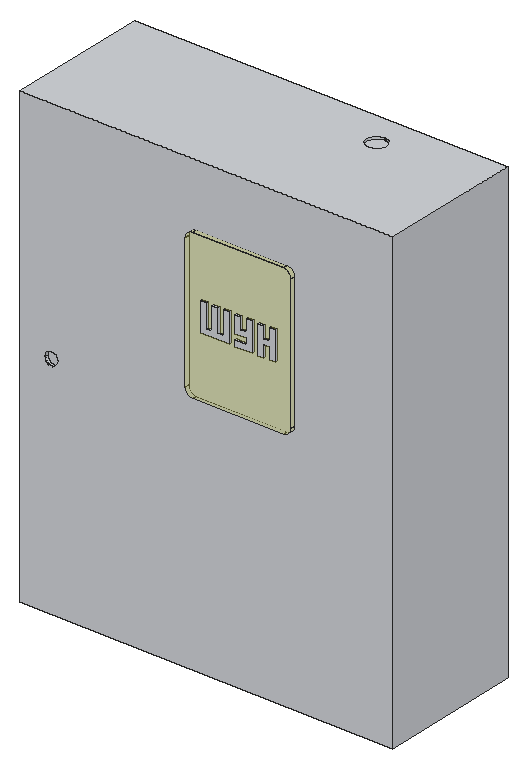
Revit family "ШУН-Ч", category Оборудование, Revit 2020
Family settings
  Размер круглого соединителя = Использовать диаметр
  Классификация = Нет
  Тип детали = Нормальный
  На основе рабочей плоскости = Нет
  Всегда вертикально = Да
  При загрузке вырезать с полостями = Нет
  Общий = Нет
  Точка расчета площади = Нет
Parameters (values of type "ШУН-М_DEK_11-22кВт")
  расст замок верт = 400 mm
  Ширина [instance] = 650 mm
  Расст вывода3 от левой стенки = 365 mm
  Расст замок = 55 mm
  Расст вывода2 от левой стенки = 305 mm
  Расст вывода от левой стенки = 245 mm
  Расст вывода от задней стенки = 55 mm
  Расст ПУШ от верхней стенки = 110 mm
  Расст ввод от задней стенки = 60 mm
  Расст ввод от левой стенки = 470 mm
  Расст ПУШ от левой стенки = 295 mm
  Отметка по умолчанию = 0 mm
  Описание = "ШУН-М предназначен для управления одно/трехфазным электродвигателем насоса систем водяного, пенного пожаротушения и противопожарного водопровода в режиме «Местный пуск» с лицевой панели ШУН-М или по сигналам любого модуля управления в режиме «Автоматический пуск» с отображением состояния насоса при помощи световой индикации и с передачей сигналов состояния на модуль управления."
  Назв гориз ПУШ = 210 mm
  Комментарии к типоразмеру = "Ш4/DEK"
  Изготовитель = "ООО \"Плазма-Т\""
  Группа модели = "ШУН-М-Ч"
  Глубина [instance] = 250 mm
  Высота [instance] = 800 mm
  URL = "https://plazma-t.ru/"
Types (4, lengths in mm): name | расст замок верт | Ширина | Расст вывода3 от левой стенки | Расст замок | Расст вывода2 от левой стенки | Расст вывода от левой стенки | Расст вывода от задней стенки | Расст ПУШ от верхней стенки | Расст ввод от задней стенки | Расст ввод от левой стенки | Расст ПУШ от левой стенки | Назв гориз ПУШ | Комментарии к типоразмеру | Глубина | Высота
  ШУН_SE_АВВ_0,37-7,5кВт | 350 | 500 | 220 | 450 | 160 | 100 | 125 | 100 | 100 | 350 | 110 | 120 | "Ш3/ABB" | 250 | 700
  ШУН-М_DEK_11-22кВт | 400 | 650 | 365 | 55 | 305 | 245 | 55 | 110 | 60 | 470 | 295 | 210 | "Ш4/DEK" | 250 | 800
  ШУН_SE_АВВ_11-22кВт | 400 | 600 | 220 | 550 | 160 | 100 | 125 | 110 | 100 | 160 | 220 | 120 | "Ш4/ABB" | 250 | 800
  ШУН-М_DEK_0,37-7,5кВт | 300 | 500 | 320 | 55 | 260 | 200 | 60 | 110 | 60 | 375 | 180 | 210 | "Ш3/DEK" | 220 | 650
Reference planes
  plane 1 "По центру (Вперед/Назад)": y = 0
  plane 2: z = 0
  plane 3 "По центру (Влево/Вправо)": x = 0
  plane 4: y = -9
Forms (mm)
  Extrusion 1, solid
    sketch origin (0, 0, 0) x (1, 0, 0) y (0, 1, 0)
      loop
        line (0, 0) -> (650, 0) -> (650, 250) -> (0, 250) -> (0, 0)
    from 0 to 800
  Extrusion 2, solid, material "Источник света по умолчанию"
    sketch origin (0, 0, 0) x (1, 0, 0) y (0, 0, 1)
      loop
        arc (308, 690) -> (298.808, 686.192) -> (295, 677) r 13
        line (295, 677) -> (295, 443)
        arc (295, 443) -> (298.808, 433.808) -> (308, 430) r 13
        line (308, 430) -> (466.542, 430)
        arc (466.542, 430) -> (475.734, 433.808) -> (479.542, 443) r 13
        line (479.542, 443) -> (479.542, 677)
        arc (479.542, 677) -> (475.734, 686.192) -> (466.542, 690) r 13
        line (466.542, 690) -> (308, 690)
    from 0 to 9
  Extrusion 3, void
    sketch origin (0, 0, 0) x (1, 0, 0) y (0, 0, 1)
      loop
        circle (55, 400) r 11.5
    from 10 to -5.347
  Extrusion 4, void
    sketch origin (0, 0, 800) x (0, 1, 0) y (1, 0, 0)
      loop
        circle (190, 470) r 17
    from 0 to 3
  Extrusion 5, void
    sketch origin (0, 0, 0) x (1, 0, 0) y (0, 1, 0)
      loop
        circle (245, 195) r 17
    from 0 to 3
  Extrusion 6, void
    sketch origin (0, 0, 0) x (1, 0, 0) y (0, 1, 0)
      loop
        circle (305, 195) r 17
    from 0 to 3
  Extrusion 7, void
    sketch origin (0, 0, 0) x (1, 0, 0) y (0, 1, 0)
      loop
        circle (365, 195) r 17
    from 0 to 3
  Extrusion 8, solid
    sketch origin (0, -9, 0) x (1, 0, 0) y (0, 0, 1)
      loop
        line (324.592, 540.393) -> (374.592, 540.393) -> (374.592, 590.393) -> (364.592, 590.393) -> (364.592, 550.393) -> (354.592, 550.393) -> (354.592, 590.393) -> (344.592, 590.393) -> (344.592, 550.393) -> (334.592, 550.393) -> (334.592, 590.393) -> (324.592, 590.393) -> (324.592, 540.393)
      loop
        line (384.592, 590.393) -> (384.592, 560.393) -> (404.592, 560.393) -> (404.592, 550.393) -> (384.592, 550.393) -> (384.592, 540.393) -> (414.592, 540.393) -> (414.592, 590.393) -> (404.592, 590.393) -> (404.592, 570.393) -> (394.592, 570.393) -> (394.592, 590.393) -> (384.592, 590.393)
      loop
        line (424.691, 590.393) -> (424.691, 540.393) -> (434.691, 540.393) -> (434.691, 560.393) -> (444.691, 560.393) -> (444.691, 540.393) -> (454.691, 540.393) -> (454.691, 590.393) -> (444.691, 590.393) -> (444.691, 570.393) -> (434.691, 570.393) -> (434.691, 590.393) -> (424.691, 590.393)
    from 0 to 3
  Extrusion 9, void
    sketch origin (0, 0, 0) x (1, 0, 0) y (0, 1, 0)
      loop
        circle (50, 200) r 17
      loop
        circle (100, 200) r 17
      loop
        circle (150, 200) r 17
      loop
        circle (200, 200) r 17
    from 0 to 3
Cuts and joins
  Extrusion 3, Extrusion 4, Extrusion 5, Extrusion 6, Extrusion 7, Extrusion 9 cuts Extrusion 1
Dimensions and locks
  "Ширина": Extrusion 1 to Extrusion 1
  "Глубина": Extrusion 1 to Extrusion 1
  "Высота": Extrusion 1 to Extrusion 1
  Extrusion 1 to Extrusion 2 sketch curve = 110 mm
  "Расст ПУШ от верхней стенки": Extrusion 1 to Extrusion 2
  "расст замок верт": Extrusion 1 to Extrusion 3 sketch curve
  "Расст замок": Extrusion 1 to Extrusion 3 sketch curve
  "Расст ввод от левой стенки": Extrusion 4 sketch curve to cut or joined group of Extrusion 1, Extrusion 3, Extrusion 4, Extrusion 5, Extrusion 6, Extrusion 7, Extrusion 9
  "Расст ввод от задней стенки": cut or joined group of Extrusion 1, Extrusion 3, Extrusion 4, Extrusion 5, Extrusion 6, Extrusion 7, Extrusion 9 to Extrusion 4 sketch curve
  locked: Extrusion 2 sketch curve to Extrusion 2 sketch curve at 184.542
  locked: Extrusion 2 sketch curve to Extrusion 2 sketch curve at 260
  "Расст ПУШ от левой стенки": cut or joined group of Extrusion 1, Extrusion 3, Extrusion 4, Extrusion 5, Extrusion 6, Extrusion 7, Extrusion 9 to Extrusion 2 sketch curve
  "Расст вывода от левой стенки": cut or joined group of Extrusion 1, Extrusion 3, Extrusion 4, Extrusion 5, Extrusion 6, Extrusion 7, Extrusion 9 to Extrusion 5 sketch curve
  "Расст вывода от задней стенки": cut or joined group of Extrusion 1, Extrusion 3, Extrusion 4, Extrusion 5, Extrusion 6, Extrusion 7, Extrusion 9 to Extrusion 5 sketch curve
  "Расст вывода от задней стенки": cut or joined group of Extrusion 1, Extrusion 3, Extrusion 4, Extrusion 5, Extrusion 6, Extrusion 7, Extrusion 9 to Extrusion 6 sketch curve
  "Расст вывода2 от левой стенки": cut or joined group of Extrusion 1, Extrusion 3, Extrusion 4, Extrusion 5, Extrusion 6, Extrusion 7, Extrusion 9 to Extrusion 6 sketch curve
  "Расст вывода от задней стенки": cut or joined group of Extrusion 1, Extrusion 3, Extrusion 4, Extrusion 5, Extrusion 6, Extrusion 7, Extrusion 9 to Extrusion 7 sketch curve
  "Расст вывода3 от левой стенки": cut or joined group of Extrusion 1, Extrusion 3, Extrusion 4, Extrusion 5, Extrusion 6, Extrusion 7, Extrusion 9 to Extrusion 7 sketch curve
  cut or joined group of Extrusion 1, Extrusion 3, Extrusion 4, Extrusion 5, Extrusion 6, Extrusion 7, Extrusion 9 to cut or joined group of Extrusion 1, Extrusion 3, Extrusion 4, Extrusion 5, Extrusion 6, Extrusion 7, Extrusion 9 = 650 mm
  Extrusion 2 to Extrusion 8 sketch curve = 29.592 mm
  Extrusion 8 sketch curve to Extrusion 8 sketch curve = 90 mm
  Extrusion 8 sketch curve to Extrusion 8 sketch curve = 50 mm  (x2)
  Extrusion 8 sketch curve to Extrusion 8 sketch curve = 30 mm  (x2)
  Extrusion 8 sketch curve to Extrusion 2 = 160.393 mm
  Extrusion 8 sketch curve to Extrusion 8 sketch curve = 130.099 mm
  cut or joined group of Extrusion 1, Extrusion 3, Extrusion 4, Extrusion 5, Extrusion 6, Extrusion 7, Extrusion 9 to Extrusion 9 sketch curve = 50 mm  (x2)
  Extrusion 9 sketch curve to Extrusion 9 sketch curve to Extrusion 9 sketch curve to Extrusion 9 sketch curve = 50 mm, 50 mm, 50 mm
  diameter of Extrusion 4 sketch curve = 34 mm
  aligned and locked: level to plane 2
  aligned and locked: Extrusion 1 to level
  aligned and locked: Extrusion 1 to plane 3 "По центру (Влево/Вправо)"
  aligned and locked: plane 1 "По центру (Вперед/Назад)" to Extrusion 1
Automatic sketch dimensions
  plane 3 "По центру (Влево/Вправо)" to Extrusion 1 sketch curve = 0 mm
  plane 1 "По центру (Вперед/Назад)" to Extrusion 1 sketch curve = 0 mm
  plane 3 "По центру (Влево/Вправо)" to Extrusion 1 sketch curve = 650 mm
  Extrusion 1 sketch curve to plane 1 "По центру (Вперед/Назад)" = 250 mm
  Extrusion 8 sketch curve to Extrusion 8 sketch curve = 10 mm  (x15)
  Extrusion 8 sketch curve to Extrusion 8 sketch curve = 0 mm  (x10)
  Extrusion 8 sketch curve to Extrusion 8 sketch curve = 20 mm  (x2)
  Extrusion 8 sketch curve to Extrusion 8 sketch curve = 40 mm
  Extrusion 9 sketch curve to Extrusion 9 sketch curve = 0 mm  (x3)
  Extrusion 2 sketch curve to Extrusion 2 sketch curve = 13 mm  (x4)
  radius of Extrusion 9 sketch curve = 17 mm  (x4)
  radius of Extrusion 3 sketch curve = 11.5 mm
  radius of Extrusion 5 sketch curve = 17 mm
  radius of Extrusion 6 sketch curve = 17 mm
  radius of Extrusion 7 sketch curve = 17 mm
Connectors
  electrical at (470, 190, 797)
    settings: on cut or joined group of Extrusion 1, Extrusion 3, Extrusion 4, Extrusion 5, Extrusion 6, Extrusion 7, Extrusion 9, index 1, voltage 0 V, apparent load 0 VA, apparent load phase1 0 VA, apparent load phase2 0 VA, apparent load phase3 0 VA, power factor 1, load classification "Прочее", number of poles 1, system type 30, power factor state 1, is connector primary yes, connector utility no, sub classification motor no, connector description "380V"
  electrical at (245, 195, 3)
    settings: on cut or joined group of Extrusion 1, Extrusion 3, Extrusion 4, Extrusion 5, Extrusion 6, Extrusion 7, Extrusion 9, index 2, voltage 0 V, apparent load 0 VA, apparent load phase1 0 VA, apparent load phase2 0 VA, apparent load phase3 0 VA, power factor 1, load classification "Прочее", number of poles 1, system type 11, power factor state 1, is connector primary no, connector utility no, sub classification motor no, connector description "шлейф"
  electrical at (305, 195, 3)
    settings: on cut or joined group of Extrusion 1, Extrusion 3, Extrusion 4, Extrusion 5, Extrusion 6, Extrusion 7, Extrusion 9, index 3, voltage 0 V, apparent load 0 VA, apparent load phase1 0 VA, apparent load phase2 0 VA, apparent load phase3 0 VA, power factor 1, load classification "Прочее", number of poles 1, system type 11, power factor state 1, is connector primary no, connector utility no, sub classification motor no, connector description "шлейф"
  electrical at (365, 195, 3)
    settings: on cut or joined group of Extrusion 1, Extrusion 3, Extrusion 4, Extrusion 5, Extrusion 6, Extrusion 7, Extrusion 9, index 4, voltage 0 V, apparent load 0 VA, apparent load phase1 0 VA, apparent load phase2 0 VA, apparent load phase3 0 VA, power factor 1, load classification "Прочее", number of poles 1, system type 11, power factor state 1, is connector primary no, connector utility no, sub classification motor no, connector description "24V или 220V"
  electrical at (100, 200, 3)
    settings: on cut or joined group of Extrusion 1, Extrusion 3, Extrusion 4, Extrusion 5, Extrusion 6, Extrusion 7, Extrusion 9, index 6, voltage 0 V, apparent load 0 VA, apparent load phase1 0 VA, apparent load phase2 0 VA, apparent load phase3 0 VA, power factor 1, load classification "Прочее", number of poles 1, system type 13, power factor state 1, is connector primary no, connector utility no, sub classification motor no, connector description "реле"
  electrical at (150, 200, 3)
    settings: on cut or joined group of Extrusion 1, Extrusion 3, Extrusion 4, Extrusion 5, Extrusion 6, Extrusion 7, Extrusion 9, index 7, voltage 0 V, apparent load 0 VA, apparent load phase1 0 VA, apparent load phase2 0 VA, apparent load phase3 0 VA, power factor 1, load classification "Прочее", number of poles 1, system type 13, power factor state 1, is connector primary no, connector utility no, sub classification motor no, connector description "реле"
  electrical at (200, 200, 3)
    settings: on cut or joined group of Extrusion 1, Extrusion 3, Extrusion 4, Extrusion 5, Extrusion 6, Extrusion 7, Extrusion 9, index 8, voltage 0 V, apparent load 0 VA, apparent load phase1 0 VA, apparent load phase2 0 VA, apparent load phase3 0 VA, power factor 1, load classification "Прочее", number of poles 1, system type 13, power factor state 1, is connector primary no, connector utility no, sub classification motor no, connector description "нагрузка 24V"
  electrical at (50, 200, 3)
    settings: on cut or joined group of Extrusion 1, Extrusion 3, Extrusion 4, Extrusion 5, Extrusion 6, Extrusion 7, Extrusion 9, index 9, voltage 0 V, apparent load 0 VA, apparent load phase1 0 VA, apparent load phase2 0 VA, apparent load phase3 0 VA, power factor 1, load classification "Прочее", number of poles 1, system type 13, power factor state 1, is connector primary no, connector utility no, sub classification motor no, connector description "реле"
